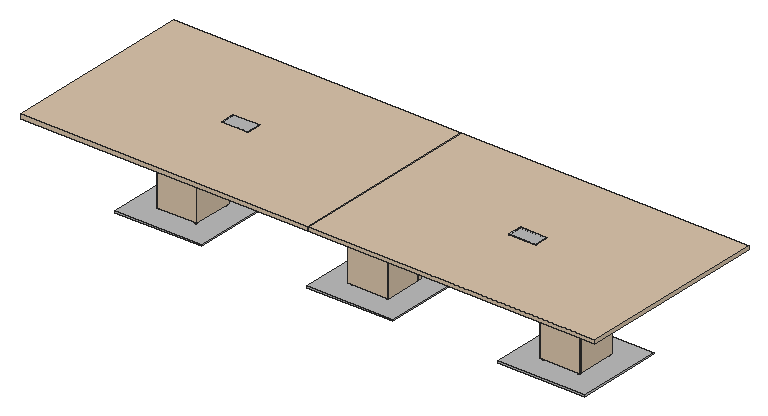
Revit family "Haworth_Planes_ColumnBaseConferenceTable_RectangularTwoPiece", category Furniture Systems, Revit 2018
Family settings
  Round Connector Dimension = Use Diameter
  Part Type = Normal
  OmniClass Number = 23.40.70.14.64.21
  OmniClass Title = Systems Furniture
  Work Plane-Based = No
  Always vertical = Yes
  Cut with Voids When Loaded = No
  Shared = No
  Room Calculation Point = No
Parameters (values of type "180w 60d")
  Worksurface Finish [instance] = Haworth _ Laminate _ Maple H-AE
  Worksurface Edge Finish [instance] = Haworth _ Laminate _ Maple H-AE
  Width = 180"
  Warranty = "http://www.haworth.com/resources/product-info/warranties"
  URL - Product = "http://www.haworth.com/products/tables/conference/planes"
  Trim Finish = Haworth _ Laminate _ Maple H-AE
  Sustainability Info = "http://media.haworth.com/asset/5175/Planes%20tables%20PEDS.pdf"
  Support Side Offset = 30"  # constant formula
  Opening Single Wide = no
  Opening Single = not(or(Opening Single Wide, Opening Double, Opening Double Wide))  # yes
  Opening Left/Right = not(Opening Center)  # no
  Opening Double Wide = no
  Opening Double = no
  Opening Center = yes
  Model = "TARA"  # constant formula
  Min. Depth = 42"  # constant formula
  Middle Support Control = Actual Width > 168"  # yes
  Max. Depth = 60"  # constant formula
  URL = "www.haworth.com"
  Support Height = Actual Height - Table Thickness  # 27 13/16"
  Size = "Verify Final Dim. w/ Haworth"  # constant formula
  Revision Number = "2"  # constant formula
  Min/Max Width = "126-180 @ 6 in. increments"  # constant formula
  Standard Height = "21, 29, 41 in."  # constant formula
  Min. Width = 126"  # constant formula
  Max. Width = 180"  # constant formula
  Min. Height = 21"  # constant formula
  Max. Height = 41"  # constant formula
  Manufacturer = "Haworth"  # constant formula
  Knife Edge = not(Edgeband)  # no
  Height = 29"
  Fliptop Width = Cutout Width + 1/4"  # 8 1/4"
  Fliptop Side Vis. = and(Flip Top, [Opening Left/Right])  # no
  Fliptop Depth = Cutout Depth + 3/8"  # 4 3/8"
  Fliptop Center Vis. = and(Flip Top, Opening Center)  # yes
  Flip Top Finish = Haworth _ Paint _ Metallic Champagne
  Flip Top = yes
  Edgeband = yes
  Description = "Haworth - Planes - Column Base Conference Table - Rectangular - Two-Piece"  # constant formula
  Depth = 60"
  Cutout Width = if(or(Opening Single Wide, Opening Double Wide), 11", 8")  # 8"
  Cutout Side Offset = Actual Width / 8  # 22 1/2"
  Cutout Depth = if(or(Opening Double, Opening Double Wide), 7 11/16", 4")  # 4"
  Cutout Center Offset = Actual Width / 4  # 45"
  Cutout = yes
  Custom Size = not(and(or(Depth = 42", Depth = 48", Depth = 54", Depth = 60"), or(Width = 126", Width = 132", Width = 138", Width = 144", Width = 150", Width = 156", Width = 162", Width = 168", Width = 174", Width = 180")))  # no
  Base Finish = Haworth _ Paint _ Metallic Champagne
  Author = "Haworth (Hampton, Alias)"  # constant formula
  Assembly Code = "E2020200"
  Actual Width = if(Width > Max. Width, Max. Width, if(Width < Min. Width, Min. Width, Width))  # 180"
  Actual Height = if(Height > Max. Height, Max. Height, if(Height < Min. Height, Min. Height, Height))  # 29"
  Table Thickness = 1 3/16"  # constant formula
  Standard Depths = "42, 48, 54, 60 in."  # constant formula
  Actual Depth = if(Depth > Max. Depth, Max. Depth, if(Depth < Min. Depth, Min. Depth, Depth))  # 60"
Reference planes (in)
  plane 1 "Center F/B": y = -0.15866
  plane 2 "Floor": z = 0
  plane 3 "Center L/R": x = 0
  plane 4 "Table Edge Left": x = -90
  plane 5 "Table Edge Right": x = 90
  plane 6 "Table Edge Back": y = -30.15866
  plane 7 "Table Edge Front": y = 29.84134
  plane 8 "Table Bottom": z = 29
  plane 9 "Fliptop Left 2": x = -22.5
  plane 10 "Fliptop Center 1": x = -45
  plane 11 "Fliptop Left 1": x = -67.5
  plane 12 "Fliptop Right 2": x = 22.5
  plane 13 "Fliptop Center 2": x = 45
  plane 14 "Fliptop Right 1": x = 67.5
  plane 15 "Base Right": x = 60
  plane 16 "Base Left": x = -60
Dimensions and locks (in)
  "Actual Depth": plane 7 "Table Edge Front" to plane 6 "Table Edge Back"
  "Actual Width": plane 4 "Table Edge Left" to plane 5 "Table Edge Right"
  equal spacing: plane 4 "Table Edge Left", plane 3 "Center L/R", plane 5 "Table Edge Right"
  equal spacing: plane 7 "Table Edge Front", plane 1 "Center F/B", plane 6 "Table Edge Back"
  "Actual Height": plane 8 "Table Bottom" to level
  "Cutout Side Offset": plane 9 "Fliptop Left 2" to plane 3 "Center L/R"
  "Cutout Side Offset": plane 3 "Center L/R" to plane 12 "Fliptop Right 2"
  "Cutout Side Offset": plane 14 "Fliptop Right 1" to plane 5 "Table Edge Right"
  "Cutout Side Offset": plane 4 "Table Edge Left" to plane 11 "Fliptop Left 1"
  "Cutout Center Offset": plane 10 "Fliptop Center 1" to plane 3 "Center L/R"
  "Cutout Center Offset": plane 3 "Center L/R" to plane 13 "Fliptop Center 2"
  "Support Side Offset": plane 15 "Base Right" to plane 5 "Table Edge Right"
  "Support Side Offset": plane 4 "Table Edge Left" to plane 16 "Base Left"
  aligned and locked: plane 11 "Fliptop Left 1" to nested 4
  aligned and locked: plane 1 "Center F/B" to nested 4
  aligned and locked: plane 1 "Center F/B" to nested 3
  aligned and locked: plane 1 "Center F/B" to nested 2
  aligned and locked: plane 1 "Center F/B" to nested 5
  aligned and locked: plane 1 "Center F/B" to nested 1
  aligned and locked: plane 1 "Center F/B" to nested 6
  aligned and locked: plane 10 "Fliptop Center 1" to nested 6
  aligned and locked: plane 13 "Fliptop Center 2" to nested 5
  aligned and locked: plane 14 "Fliptop Right 1" to nested 1
  aligned and locked: plane 12 "Fliptop Right 2" to nested 2
  aligned and locked: plane 9 "Fliptop Left 2" to nested 3
  aligned and locked: plane 2 "Floor" to nested 7
  aligned and locked: plane 1 "Center F/B" to nested 7
  aligned and locked: plane 3 "Center L/R" to nested 7
  aligned and locked: plane 2 "Floor" to nested 8
  aligned and locked: plane 2 "Floor" to nested 9
  aligned and locked: plane 1 "Center F/B" to nested 8
  aligned and locked: plane 1 "Center F/B" to nested 9
  aligned and locked: nested 9 to plane 16 "Base Left"
  aligned and locked: plane 15 "Base Right" to nested 8
  aligned and locked: plane 2 "Floor" to nested 10
  aligned and locked: plane 3 "Center L/R" to nested 10
  aligned and locked: plane 1 "Center F/B" to nested 10
Nested families (in)
  nested 1: "Haworth_Worksurface_FlipTop_Unit_Part" at (66.92963, -0.21114, 29), built-in parameter 1001364 <- "Actual Height", visible <- "Fliptop Side Vis.", type "Flip Top"
  nested 2: "Haworth_Worksurface_FlipTop_Unit_Part" at (21.92963, -0.21114, 29), built-in parameter 1001364 <- "Actual Height", visible <- "Fliptop Side Vis.", type "Flip Top"
  nested 3: "Haworth_Worksurface_FlipTop_Unit_Part" at (-23.07037, -0.21114, 29), built-in parameter 1001364 <- "Actual Height", visible <- "Fliptop Side Vis.", type "Flip Top"
  nested 4: "Haworth_Worksurface_FlipTop_Unit_Part" at (-68.07037, -0.21114, 29), built-in parameter 1001364 <- "Actual Height", visible <- "Fliptop Side Vis.", type "Flip Top"
  nested 5: "Haworth_Worksurface_FlipTop_Unit_Part" at (44.42963, -0.21114, 29), built-in parameter 1001364 <- "Actual Height", visible <- "Fliptop Center Vis.", type "Flip Top"
  nested 6: "Haworth_Worksurface_FlipTop_Unit_Part" at (-45.57037, -0.21114, 29), built-in parameter 1001364 <- "Actual Height", visible <- "Fliptop Center Vis.", type "Flip Top"
  nested 7: "Haworth_Planes_ColumnBase_Part" at (0, -3.78366, 0), visible <- "Middle Support Control", type "Square"
    with Actual Height 27 13/16"
  nested 8: "Haworth_Planes_ColumnBase_Part" at (60, -3.78366, 0), type "Square"
    with Actual Height 27 13/16"
  nested 9: "Haworth_Planes_ColumnBase_Part" at (-60, -3.78366, 0), type "Square"
    with Actual Height 27 13/16"
  nested 10: "Haworth_Planes_Conference_Worksurface_RectangularTwoPiece_Part" at (0, -15.15866, 0), type "Worksurface"
    with Opening Side Vis. no, Opening Left/Right no, Knife Edge no, Cutout Side Dimension 1"
Definition of nested family "Haworth_Worksurface_FlipTop_Unit_Part"
  Parameters (values of type "Flip Top")
    Warranty = "https://www.haworth.com/resources/product-info/warranties"
    URL - Product = "https://www.haworth.com/products/tables/conference/planes"
    URL = "www.haworth.com"
    Sustainability Info = "https://www.haworth.com/company-info/sustainability"
    Size = "Verify Final Dim. w/ Haworth"  # constant formula
    Revision Number = "2"  # constant formula
    Model = "Haworth_Worksurface-Flip_Top_Unit"  # constant formula
    Manufacturer = "Haworth"  # constant formula
    LEED Data = "www.haworth.com/_layouts/Haworth.ProductCatalog/Handlers/GetAsset.ashx/ComposeLEEDContributions.pdf?cid=27&rid=1824&type=Leed"
    Flip Top Finish = none
    Description = "Haworth Worksurface-Flip Top Unit - Part"
    Default Elevation = 48"
    Author = "Haworth (Alias), SHAPE Environments, LLC"  # constant formula
    Assembly Code = "E2020200"
    Actual Width = 8 1/4"
    Actual Depth = 4 3/8"
  Reference planes (in)
    plane 1 "Center F/B": y = 0.05249
    plane 2: z = 0
    plane 3 "Center L/R": x = 0.57037
    plane 4 "Back": y = 2.23999
    plane 5 "Right": x = 4.69537
    plane 6 "Front": y = -2.13501
    plane 7 "Left": x = -3.55463
    plane 8 "Table Height": z = 0
  Forms (in)
    Extrusion 1, solid, material <- "Flip Top Finish"
      sketch origin (0, 0, 0) x (-1, 0, 0) y (0, -1, 0)
        loop
          line (3.55463, -2.23999) -> (3.55463, 2.13501) -> (-4.69537, 2.13501) -> (-4.69537, -2.23999) -> (3.55463, -2.23999)
      from 0 to 0.125
    Extrusion 2, solid, material <- "Flip Top Finish"
      sketch origin (0, 0, 0) x (-1, 0, 0) y (0, -1, 0)
        loop
          line (3.42963, -2.05249) -> (3.42963, 1.94751) -> (-4.57037, 1.94751) -> (-4.57037, -2.05249) -> (3.42963, -2.05249)
      from 0 to -2.75
  Cuts and joins
    joined: Extrusion 1, Extrusion 2
  Lines and regions (in)
    Masking region 1
      outline origin (0, 0, 0) x (1, 0, 0) y (0, 1, 0)
        loop
          line (-3.55463, 2.23999) -> (-3.55463, -2.13501) -> (4.69537, -2.13501) -> (4.69537, 2.23999) -> (-3.55463, 2.23999)
  Dimensions and locks (in)
    equal spacing: plane 7 "Left", plane 3 "Center L/R", plane 5 "Right"
    "Actual Width": plane 7 "Left" to plane 5 "Right"
    equal spacing: plane 6 "Front", plane 1 "Center F/B", plane 4 "Back"
    "Actual Depth": plane 4 "Back" to plane 6 "Front"
    plane 7 "Left" to Extrusion 2 sketch curve = 1/8"
    plane 4 "Back" to Extrusion 2 sketch curve = 3/16"
    Extrusion 2 sketch curve to plane 5 "Right" = 1/8"
    Extrusion 2 sketch curve to plane 6 "Front" = 3/16"
    locked: plane 8 "Table Height" to level
    aligned and locked: plane 7 "Left" to Extrusion 1 sketch curve
    aligned and locked: Extrusion 1 sketch curve to plane 4 "Back"
    aligned and locked: plane 6 "Front" to Extrusion 1 sketch curve
    aligned and locked: Extrusion 1 sketch curve to plane 5 "Right"
    aligned and locked: Masking region 1 sketch curve to cut or joined group of Extrusion 1, Extrusion 2  (x3)
    aligned and locked: cut or joined group of Extrusion 1, Extrusion 2 to Masking region 1 sketch curve
Definition of nested family "Haworth_Planes_ColumnBase_Part"
  Parameters (values of type "Square")
    Warranty = "http://www.haworth.com/resources/product-info/warranties"
    URL - Product = "http://www.haworth.com/products/tables/conference/planes"
    URL = "www.haworth.com"
    Trim Finish = none
    Top Gap = 1 1/2"  # constant formula
    Sustainability Info = "http://www.haworth.com/company-info/sustainablility"
    Support Finish = none
    Size = "Verify Final Dim. w/ Haworth"  # constant formula
    Revision Number = "2"  # constant formula
    Model = "Haworth - Planes - Enhanced Column Base - LIMITED"  # constant formula
    Min. Height = 27"  # constant formula
    Max. Height = 36"  # constant formula
    Manufacturer = "Haworth"  # constant formula
    Description = "Haworth - Planes - Enhanced Column Base - LIMITED"  # constant formula
    Column Frame Width 9 = no
    Column Frame Width 12 = yes
    Cladding Thickness = 1/8"  # constant formula
    Cladding Square = yes
    Cladding Round = no
    Cladding Radius = 8 1/2"  # constant formula
    Base Plate Square = yes
    Base Plate Round = no
    Base Plate Radius = 15"  # constant formula
    Base Height Offset = 3/8"  # constant formula
    Base Finish = none
    Base Depth Offset = 7 1/8"  # constant formula
    Author = "Haworth (Hampton)"  # constant formula
    Assembly Code = "E2020200"
    Actual Width = 12 3/4"  # constant formula
    Actual Height = 27 3/16"
    Actual Depth = 12 3/4"  # constant formula
  Types (2): name | Cladding Square | Cladding Round | Base Plate Square | Base Plate Round
    Square | yes | no | yes | no
    Round | no | yes | no | yes
  Reference planes (in)
    plane 1 "Center F/B": y = 3.625
    plane 2 "Bottom": z = 0
    plane 3 "Center L/R": x = 0
    plane 4 "Left": x = -6.375
    plane 5 "Right": x = 6.375
    plane 6 "Front": y = -2.75
    plane 7 "Top": z = 27.1875
    plane 8 "Back": y = 10
    plane 9: y = 9.25
    plane 10: x = 5.625
    plane 11: x = -5.625
    plane 12: y = -2
    plane 13 "Panel Top": z = 25.6875
    plane 14 "Base Plate Top": z = 0.375
    plane 15 "Panel Bottom": z = 0.75
    plane 16: x = -6.25
    plane 17: x = 6.25
    plane 18: y = 9.875
    plane 19: y = -2.625
    plane 20 "Plate Back": y = 17.125
    plane 21 "Plate Front": y = -9.875
    plane 22 "Plate Left": x = -13.5
    plane 23 "Plate Right": x = 13.5
    plane 24 "Angel 2": through (6.375, 10, 48) normal (0.7071, -0.7071, 0)
    plane 25 "Angel 1": through (-6.375, 10, 48) normal (0.7071, 0.7071, 0)
    plane 26: through (6.375, -2.75, 48) normal (-0.7071, -0.7071, 0)
    plane 27: through (6.375, 10, 48) normal (0.7071, -0.7071, 0)
    plane 28: through (-6.375, -2.75, 48) normal (-0.7071, 0.7071, 0)
    plane 29: through (6.375, -2.75, 48) normal (-0.7071, -0.7071, 0)
    plane 30: through (-6.375, 10, 48) normal (0.7071, 0.7071, 0)
    plane 31: through (-6.375, -2.75, 48) normal (-0.7071, 0.7071, 0)
  Forms (in)
    Extrusion 1, solid, material <- "Trim Finish", visible <- "Cladding Square"
      sketch origin (0, 0, 0) x (1, 0, 0) y (0, 1, 0)
        loop
          line (-6.375, 9.875) -> (-6.375, -2.625) -> (-6.25, -2.625) -> (-6.25, 9.875) -> (-6.375, 9.875)
      from 0.75 to 25.6875
    Extrusion 2, solid, material <- "Trim Finish", visible <- "Cladding Square"
      sketch origin (0, 0, 0) x (1, 0, 0) y (0, 1, 0)
        loop
          line (-6.25, 10) -> (-6.25, 9.875) -> (6.25, 9.875) -> (6.25, 10) -> (-6.25, 10)
      from 0.75 to 25.6875
    Extrusion 3, solid, material <- "Trim Finish", visible <- "Cladding Square"
      sketch origin (0, 0, 0) x (1, 0, 0) y (0, 1, 0)
        loop
          line (6.25, 9.875) -> (6.25, -2.625) -> (6.375, -2.625) -> (6.375, 9.875) -> (6.25, 9.875)
      from 0.75 to 25.6875
    Extrusion 4, solid, material <- "Trim Finish", visible <- "Cladding Square"
      sketch origin (0, 0, 0) x (1, 0, 0) y (0, 1, 0)
        loop
          line (-6.25, -2.625) -> (-6.25, -2.75) -> (6.25, -2.75) -> (6.25, -2.625) -> (-6.25, -2.625)
      from 0.75 to 25.6875
    Extrusion 5, solid, material <- "Support Finish"
      sketch origin (0, 0, 0) x (1, 0, 0) y (0, 1, 0)
        loop
          circle (-5.625, 9.25) r 0.375
        loop
          circle (5.625, 9.25) r 0.375
        loop
          circle (5.625, -2) r 0.375
        loop
          circle (-5.625, -2) r 0.375
      from 0.375 to 27.1875
    Extrusion 6, solid, material <- "Base Finish", visible <- "Base Plate Square"
      sketch origin (0, 0, 0) x (1, 0, 0) y (0, 1, 0)
        loop
          line (-13.5, 17.125) -> (-13.5, -9.875) -> (13.5, -9.875) -> (13.5, 17.125) -> (-13.5, 17.125)
      from 0 to 0.375
    Extrusion 7, solid, material <- "Base Finish", visible <- "Base Plate Round"
      sketch origin (0, 0, 0) x (1, 0, 0) y (0, 1, 0)
        loop
          circle (0, 3.625) r 15
      from 0 to 0.375
    Extrusion 8, solid, material <- "Trim Finish", visible <- "Cladding Round"
      sketch origin (0, 0, 0) x (1, 0, 0) y (0, 1, 0)
        loop
          arc (-6.01041, 9.63541) -> (0, 12.125) -> (6.01041, 9.63541) r 8.5
          line (6.01041, 9.63541) -> (6.01041, 9.81092)
          arc (6.01041, 9.81092) -> (0, 12.25) -> (-6.01041, 9.81092) r 8.625
          line (-6.01041, 9.81092) -> (-6.01041, 9.63541)
      from 0.75 to 25.6875
    Extrusion 9, solid, material <- "Trim Finish", visible <- "Cladding Round"
      sketch origin (-3.625, 3.625, 0) x (0, -1, 0) y (1, 0, 0)
        loop
          arc (-6.01041, 9.63541) -> (0, 12.125) -> (6.01041, 9.63541) r 8.5
          line (6.01041, 9.63541) -> (6.01041, 9.81092)
          arc (6.01041, 9.81092) -> (0, 12.25) -> (-6.01041, 9.81092) r 8.625
          line (-6.01041, 9.81092) -> (-6.01041, 9.63541)
      from 0.75 to 25.6875
    Extrusion 10, solid, material <- "Trim Finish", visible <- "Cladding Round"
      sketch origin (0, 7.25, 0) x (-1, 0, 0) y (0, -1, 0)
        loop
          arc (-6.01041, 9.63541) -> (0, 12.125) -> (6.01041, 9.63541) r 8.5
          line (6.01041, 9.63541) -> (6.01041, 9.81092)
          arc (6.01041, 9.81092) -> (0, 12.25) -> (-6.01041, 9.81092) r 8.625
          line (-6.01041, 9.81092) -> (-6.01041, 9.63541)
      from 0.75 to 25.6875
    Extrusion 11, solid, material <- "Trim Finish", visible <- "Cladding Round"
      sketch origin (3.625, 3.625, 0) x (0, 1, 0) y (-1, 0, 0)
        loop
          arc (-6.01041, 9.63541) -> (0, 12.125) -> (6.01041, 9.63541) r 8.5
          line (6.01041, 9.63541) -> (6.01041, 9.81092)
          arc (6.01041, 9.81092) -> (0, 12.25) -> (-6.01041, 9.81092) r 8.625
          line (-6.01041, 9.81092) -> (-6.01041, 9.63541)
      from 0.75 to 25.6875
  Lines and regions (in)
    symbolic lines, visible <- "Base Plate Square", detail levels medium+fine
      curve 1: line (-13.5, 17.125, 0) -> (13.5, 17.125, 0)
      curve 2: line (13.5, 17.125, 0) -> (13.5, -9.875, 0)
      curve 3: line (13.5, -9.875, 0) -> (-13.5, -9.875, 0)
      curve 4: line (-13.5, -9.875, 0) -> (-13.5, 17.125, 0)
    symbolic lines, visible <- "Cladding Square", detail levels medium+fine
      curve 5: line (-6.375, 10, 0) -> (6.375, 10, 0)
      curve 6: line (6.375, 10, 0) -> (6.375, -2.75, 0)
      curve 7: line (6.375, -2.75, 0) -> (-6.375, -2.75, 0)
      curve 8: line (-6.375, -2.75, 0) -> (-6.375, 10, 0)
    model lines, visible <- "Base Plate Round"
      curve 9: circle (0, 3.625, 0) r 15 normal (0, 0, 1)
    symbolic lines, visible <- "Base Plate Round", detail levels medium+fine
      curve 10: circle (0, 3.625, 0) r 8.5 normal (0, 0, 1)
  Dimensions and locks (in)
    equal spacing: plane 8 "Back", plane 1 "Center F/B", plane 6 "Front"
    "Actual Depth": plane 8 "Back" to plane 6 "Front"
    equal spacing: plane 4 "Left", plane 3 "Center L/R", plane 5 "Right"
    "Actual Width": plane 4 "Left" to plane 5 "Right"
    "Actual Height": plane 7 "Top" to level
    locked: plane 4 "Left" to plane 11 at 0.75
    locked: plane 10 to plane 5 "Right" at 0.75
    locked: plane 8 "Back" to plane 9 at 0.75
    locked: plane 12 to plane 6 "Front" at 0.75
    "Base Height Offset": plane 14 "Base Plate Top" to level
    "Base Height Offset": plane 15 "Panel Bottom" to plane 14 "Base Plate Top"
    "Top Gap": plane 7 "Top" to plane 13 "Panel Top"
    "Base Depth Offset": plane 22 "Plate Left" to plane 4 "Left"
    "Base Depth Offset": plane 5 "Right" to plane 23 "Plate Right"
    "Base Depth Offset": plane 21 "Plate Front" to plane 6 "Front"
    "Base Depth Offset": plane 20 "Plate Back" to plane 8 "Back"
    "Cladding Thickness": plane 8 "Back" to plane 18
    "Cladding Thickness": plane 19 to plane 6 "Front"
    "Cladding Thickness": plane 4 "Left" to plane 16
    "Cladding Thickness": plane 17 to plane 5 "Right"
    "Base Plate Radius": radius of Extrusion 7 sketch curve
    "Base Plate Radius": radius of curve 9
    "Cladding Radius": radius of Extrusion 8 sketch curve
    "Cladding Radius": radius of curve 10
    "Cladding Radius": radius of Extrusion 9 sketch curve
    "Cladding Radius": radius of Extrusion 10 sketch curve
    "Cladding Radius": radius of Extrusion 11 sketch curve
    aligned and locked: Extrusion 1 sketch curve to plane 19
    aligned and locked: plane 4 "Left" to Extrusion 1 sketch curve
    aligned and locked: Extrusion 1 sketch curve to plane 16
    aligned and locked: Extrusion 1 sketch curve to plane 18
    aligned and locked: Extrusion 2 sketch curve to plane 8 "Back"
    aligned and locked: plane 18 to Extrusion 2 sketch curve
    aligned and locked: plane 16 to Extrusion 2 sketch curve
    aligned and locked: plane 17 to Extrusion 2 sketch curve
    aligned and locked: Extrusion 3 sketch curve to plane 19
    aligned and locked: Extrusion 3 sketch curve to plane 18
    aligned and locked: Extrusion 3 sketch curve to plane 17
    aligned and locked: plane 5 "Right" to Extrusion 3 sketch curve
    aligned and locked: plane 16 to Extrusion 4 sketch curve
    aligned and locked: plane 17 to Extrusion 4 sketch curve
    aligned and locked: plane 19 to Extrusion 4 sketch curve
    aligned and locked: plane 6 "Front" to Extrusion 4 sketch curve
    aligned and locked: plane 13 "Panel Top" to Extrusion 4
    aligned and locked: Extrusion 4 to plane 15 "Panel Bottom"
    aligned and locked: plane 13 "Panel Top" to Extrusion 2
    aligned and locked: Extrusion 2 to plane 15 "Panel Bottom"
    aligned and locked: Extrusion 1 to plane 15 "Panel Bottom"
    aligned and locked: plane 13 "Panel Top" to Extrusion 1
    aligned and locked: Extrusion 3 to plane 15 "Panel Bottom"
    aligned and locked: plane 13 "Panel Top" to Extrusion 3
    aligned and locked: Extrusion 5 to plane 14 "Base Plate Top"
    aligned and locked: plane 7 "Top" to Extrusion 5
    aligned and locked: plane 22 "Plate Left" to Extrusion 6 sketch curve
    aligned and locked: Extrusion 6 sketch curve to plane 21 "Plate Front"
    aligned and locked: plane 23 "Plate Right" to Extrusion 6 sketch curve
    aligned and locked: Extrusion 6 sketch curve to plane 20 "Plate Back"
    aligned and locked: Extrusion 6 to plane 2 "Bottom"
    aligned and locked: Extrusion 6 to plane 14 "Base Plate Top"
    aligned and locked: curve 1 to plane 20 "Plate Back"
    aligned and locked: plane 22 "Plate Left" to curve 4
    aligned and locked: curve 3 to plane 21 "Plate Front"
    aligned and locked: plane 23 "Plate Right" to curve 2
    aligned and locked: plane 5 "Right" to curve 6
    aligned and locked: curve 5 to plane 8 "Back"
    aligned and locked: plane 4 "Left" to curve 8
    aligned and locked: plane 6 "Front" to curve 7
    aligned and locked: Extrusion 7 to plane 2 "Bottom"
    aligned and locked: Extrusion 7 to plane 14 "Base Plate Top"
    aligned and locked: plane 13 "Panel Top" to Extrusion 8
    aligned and locked: Extrusion 8 to plane 15 "Panel Bottom"
    aligned and locked: Extrusion 11 to plane 15 "Panel Bottom"
    aligned and locked: Extrusion 10 to plane 15 "Panel Bottom"
    aligned and locked: Extrusion 9 to plane 15 "Panel Bottom"
    aligned and locked: plane 13 "Panel Top" to Extrusion 11
    aligned and locked: plane 13 "Panel Top" to Extrusion 10
    aligned and locked: plane 13 "Panel Top" to Extrusion 9
    aligned and locked: Extrusion 11 to Extrusion 1  (x2)
    aligned and locked: Extrusion 2 to Extrusion 10  (x2)
    aligned and locked: Extrusion 9 to Extrusion 2
    aligned and locked: Extrusion 2 to Extrusion 9
    aligned and locked: Extrusion 2 to Extrusion 8  (x2)
    aligned and locked: Extrusion 4 to Extrusion 1
    aligned and locked: Extrusion 1 to Extrusion 4
  Automatic sketch dimensions
    Extrusion 5 sketch curve to plane 11 = 0"  (x2)
    Extrusion 5 sketch curve to plane 9 = 0"  (x2)
    Extrusion 5 sketch curve to plane 10 = 0"  (x2)
    Extrusion 5 sketch curve to plane 12 = 0"  (x2)
    curve 9 to curve 10 = 0"  (x2)
    plane 1 "Center F/B" to curve 9 = 0"
    curve 9 to plane 3 "Center L/R" = 0"
    plane 1 "Center F/B" to Extrusion 7 sketch curve = 0"
    Extrusion 7 sketch curve to plane 3 "Center L/R" = 0"
    Extrusion 8 sketch curve to Extrusion 8 sketch curve = 0"  (x2)
    plane 25 "Angel 1" to Extrusion 8 sketch curve = 0"
    plane 1 "Center F/B" to Extrusion 8 sketch curve = 0"
    Extrusion 8 sketch curve to plane 3 "Center L/R" = 0"
    plane 24 "Angel 2" to Extrusion 8 sketch curve = 0"
    Extrusion 8 sketch curve to plane 18 = 0.06408"
    Extrusion 9 sketch curve to Extrusion 9 sketch curve = 0"  (x2)
    Extrusion 9 sketch curve to plane 27 = 0"
    plane 1 "Center F/B" to Extrusion 9 sketch curve = 0"
    plane 26 to Extrusion 9 sketch curve = 0"
    Extrusion 9 sketch curve to plane 3 "Center L/R" = 0"
    plane 17 to Extrusion 9 sketch curve = 0.06408"
    Extrusion 10 sketch curve to Extrusion 10 sketch curve = 0"  (x2)
    Extrusion 10 sketch curve to plane 29 = 0"
    plane 1 "Center F/B" to Extrusion 10 sketch curve = 0"
    Extrusion 10 sketch curve to plane 3 "Center L/R" = 0"
    Extrusion 10 sketch curve to plane 28 = 0"
    Extrusion 10 sketch curve to plane 19 = 0.06408"
    Extrusion 11 sketch curve to Extrusion 11 sketch curve = 0"  (x2)
    plane 31 to Extrusion 11 sketch curve = 0"
    plane 1 "Center F/B" to Extrusion 11 sketch curve = 0"
    Extrusion 11 sketch curve to plane 30 = 0"
    Extrusion 11 sketch curve to plane 3 "Center L/R" = 0"
    plane 16 to Extrusion 11 sketch curve = 0.06408"
    radius of Extrusion 5 sketch curve = 3/8"  (x4)
Definition of nested family "Haworth_Planes_Conference_Worksurface_RectangularTwoPiece_Part"
  Parameters (values of type "Worksurface")
    Warranty = "https://www.haworth.com/resources/product-info/warranties"
    URL - Product = "https://www.haworth.com/products/tables/conference/planes"
    URL = "www.haworth.com"
    Table Thickness = 1 3/16"  # constant formula
    Table Finish = none
    Table Edge Finish = none
    Side Cutout Offset = Actual Width / 8  # 22 1/2"
    Revision Number = ""
    Opening Side Vis. = and(Cutout, [Opening Left/Right])  # yes
    Opening Left/Right = yes
    Opening Center Vis. = and(Cutout, Opening Center)  # yes
    Opening Center = yes
    Note = "Verify Final Dim. w/ Haworth"  # constant formula
    Model = "TARA"  # constant formula
    Manufacturer = "Haworth"  # constant formula
    Knife Edge = yes
    Edgeband = yes
    Description = "Haworth - Planes Conference Worksurface - Part"
    Cutout Width = 8"
    Cutout Side Dimension = if(and(Cutout, [Opening Left/Right]), 3", 1")  # 3"
    Cutout Center Dimension = if(and(Cutout, Opening Center), 3", 1")  # 3"
    Cutout Depth = 4"
    Cutout = yes
    Center Cutout Offset = Actual Width / 4  # 45"
    Author = "Haworth (Alias)"  # constant formula
    Assembly Code = ""
    Actual Width = 180"
    Actual Height = 29"
    Actual Depth = 60"
  Reference planes (in)
    plane 1 "Center F/B": y = 15
    plane 2 "Bottom": z = 0
    plane 3 "Center L/R": x = 0
    plane 4 "Table Front": y = 45
    plane 5 "Table Right": x = 90
    plane 6 "Table Left": x = -90
    plane 7 "Table Back": y = -15
    plane 8 "Table Top": z = 29
    plane 9 "Table Bottom": z = 27.8125
    plane 10 "Cutout Top": z = 30
    plane 11 "Cutout Center Bottom": z = 27
    plane 12 "KnifeEdge Middle": z = 28.625
    plane 13 "Cutout Center": x = -45
    plane 14 "Cutout Left 1": x = -67.5
    plane 15 "Cutout Left 2": x = -22.5
    plane 16 "Cutout Right 2": x = 22.5
    plane 17 "Cutout Center 2": x = 45
    plane 18 "Cutout Right 1": x = 67.5
    plane 19 "Cutout Side Bottom": z = 27
  Forms (in)
    Extrusion 1, solid, material <- "Table Finish", visible <- "Edgeband"
      sketch origin (0, 0, 0) x (1, 0, 0) y (0, 1, 0)
        loop
          line (0, 45) -> (0, -15) -> (90, -15) -> (90, 45) -> (0, 45)
      from 27.8125 to 29
    Extrusion 2, void
      sketch origin (0, 0, 29) x (-1, 0, 0) y (0, -1, 0)
        loop
          line (49, -17) -> (49, -13) -> (41, -13) -> (41, -17) -> (49, -17)
        loop
          line (-41, -17) -> (-41, -13) -> (-49, -13) -> (-49, -17) -> (-41, -17)
      from -2 to 1
    Extrusion 3, solid, material <- "Table Finish", visible <- "Knife Edge"
      sketch origin (0, 0, 0) x (1, 0, 0) y (0, 1, 0)
        loop
          line (0, 45) -> (0, -15) -> (90, -15) -> (90, 45) -> (0, 45)
      from 28.625 to 29
    Blend 4, solid, material <- "Table Finish", visible <- "Knife Edge"
      base sketch origin (0, 0, 0) x (1, 0, 0) y (0, 1, 0)
        loop
          line (0, 43) -> (0, -13) -> (88, -13) -> (88, 43) -> (0, 43)
      top sketch origin (0, 0, 0) x (1, 0, 0) y (0, 1, 0)
        loop
          line (0, 45) -> (0, -15) -> (90, -15) -> (90, 45) -> (0, 45)
      from 27.8125 to 28.625
    Extrusion 5, solid, material <- "Table Finish", visible <- "Edgeband"
      sketch origin (0, 0, 0) x (1, 0, 0) y (0, 1, 0)
        loop
          line (-90, 45) -> (-90, -15) -> (0, -15) -> (0, 45) -> (-90, 45)
      from 27.8125 to 29
    Extrusion 6, solid, material <- "Table Finish", visible <- "Knife Edge"
      sketch origin (0, 0, 0) x (1, 0, 0) y (0, 1, 0)
        loop
          line (-90, 45) -> (-90, -15) -> (0, -15) -> (0, 45) -> (-90, 45)
      from 28.625 to 29
    Blend 7, solid, material <- "Table Finish", visible <- "Knife Edge"
      base sketch origin (0, 0, 0) x (1, 0, 0) y (0, 1, 0)
        loop
          line (-88, 43) -> (-88, -13) -> (0, -13) -> (0, 43) -> (-88, 43)
      top sketch origin (0, 0, 0) x (1, 0, 0) y (0, 1, 0)
        loop
          line (-90, 45) -> (-90, -15) -> (0, -15) -> (0, 45) -> (-90, 45)
      from 27.8125 to 28.625
    Extrusion 8, void
      sketch origin (0, 0, 0) x (1, 0, 0) y (0, 1, 0)
        loop
          line (-71.5, 17) -> (-71.5, 13) -> (-63.5, 13) -> (-63.5, 17) -> (-71.5, 17)
        loop
          line (-26.5, 17) -> (-26.5, 13) -> (-18.5, 13) -> (-18.5, 17) -> (-26.5, 17)
        loop
          line (18.5, 17) -> (18.5, 13) -> (26.5, 13) -> (26.5, 17) -> (18.5, 17)
        loop
          line (63.5, 17) -> (63.5, 13) -> (71.5, 13) -> (71.5, 17) -> (63.5, 17)
      from 27 to 30
  Cuts and joins
    Extrusion 2, Extrusion 8 cuts Extrusion 1
    Extrusion 2, Extrusion 8 cuts Extrusion 3
    Extrusion 2, Extrusion 8 cuts Blend 4
    Extrusion 2, Extrusion 8 cuts Extrusion 6
    Extrusion 2, Extrusion 8 cuts Extrusion 5
    Extrusion 2, Extrusion 8 cuts Blend 7
  Lines and regions (in)
    Masking region 1
      outline origin (0, 0, 0) x (1, 0, 0) y (0, 1, 0)
        loop
          line (-90, 45) -> (-90, -15) -> (90, -15) -> (90, 45) -> (-90, 45)
    symbolic lines, visible <- "Opening Side Vis."
      curve 1: line (-63.5, 13, 0) -> (-71.5, 13, 0)
      curve 2: line (-71.5, 13, 0) -> (-71.5, 17, 0)
      curve 3: line (-71.5, 17, 0) -> (-63.5, 17, 0)
      curve 4: line (-63.5, 17, 0) -> (-63.5, 13, 0)
      curve 9: line (-26.5, 13, 0) -> (-26.5, 17, 0)
      curve 10: line (-26.5, 17, 0) -> (-18.5, 17, 0)
      curve 11: line (-18.5, 17, 0) -> (-18.5, 13, 0)
      curve 12: line (-18.5, 13, 0) -> (-26.5, 13, 0)
      curve 13: line (26.5, 13, 0) -> (18.5, 13, 0)
      curve 14: line (18.5, 13, 0) -> (18.5, 17, 0)
      curve 15: line (18.5, 17, 0) -> (26.5, 17, 0)
      curve 16: line (26.5, 17, 0) -> (26.5, 13, 0)
      curve 21: line (71.5, 13, 0) -> (63.5, 13, 0)
      curve 22: line (63.5, 13, 0) -> (63.5, 17, 0)
      curve 23: line (63.5, 17, 0) -> (71.5, 17, 0)
      curve 24: line (71.5, 17, 0) -> (71.5, 13, 0)
    symbolic lines, visible <- "Opening Center Vis."
      curve 5: line (-41, 13, 0) -> (-49, 13, 0)
      curve 6: line (-49, 13, 0) -> (-49, 17, 0)
      curve 7: line (-49, 17, 0) -> (-41, 17, 0)
      curve 8: line (-41, 17, 0) -> (-41, 13, 0)
      curve 17: line (49, 13, 0) -> (41, 13, 0)
      curve 18: line (41, 13, 0) -> (41, 17, 0)
      curve 19: line (41, 17, 0) -> (49, 17, 0)
      curve 20: line (49, 17, 0) -> (49, 13, 0)
    symbolic lines
      curve 25: line (0, 45, 0) -> (0, -15, 0)
    symbolic lines, visible <- "Knife Edge", detail levels medium+fine
      curve 26: line (-88, 43, 0) -> (0, 43, 0)
      curve 27: line (0, -13, 0) -> (-88, -13, 0)
      curve 28: line (-88, -13, 0) -> (-88, 43, 0)
      curve 29: line (0, 43, 0) -> (88, 43, 0)
      curve 30: line (88, 43, 0) -> (88, -13, 0)
      curve 31: line (88, -13, 0) -> (0, -13, 0)
  Dimensions and locks (in)
    "Actual Depth": plane 7 "Table Back" to plane 4 "Table Front"
    "Actual Width": plane 6 "Table Left" to plane 5 "Table Right"
    equal spacing: plane 6 "Table Left", plane 3 "Center L/R", plane 5 "Table Right"
    equal spacing: plane 4 "Table Front", plane 1 "Center F/B", plane 7 "Table Back"
    "Table Thickness": plane 8 "Table Top" to plane 9 "Table Bottom"
    "Actual Height": plane 8 "Table Top" to level
    "Cutout Center Dimension": plane 10 "Cutout Top" to plane 11 "Cutout Center Bottom"
    locked: plane 10 "Cutout Top" to plane 8 "Table Top" at 1
    locked: plane 8 "Table Top" to plane 12 "KnifeEdge Middle" at 0.375
    "Cutout Width": Extrusion 2 sketch curve to Extrusion 2 sketch curve  (x2)
    "Cutout Depth": Extrusion 2 sketch curve to Extrusion 2 sketch curve  (x2)
    equal spacing: Extrusion 2 sketch curve, plane 1 "Center F/B", Extrusion 2 sketch curve  (x2)
    equal spacing: Extrusion 2 sketch curve, plane 13 "Cutout Center", Extrusion 2 sketch curve
    equal spacing: Extrusion 2 sketch curve, plane 17 "Cutout Center 2", Extrusion 2 sketch curve
    "Center Cutout Offset": plane 13 "Cutout Center" to plane 3 "Center L/R"
    "Center Cutout Offset": plane 3 "Center L/R" to plane 17 "Cutout Center 2"
    "Side Cutout Offset": plane 15 "Cutout Left 2" to plane 3 "Center L/R"
    "Side Cutout Offset": plane 3 "Center L/R" to plane 16 "Cutout Right 2"
    "Side Cutout Offset": plane 6 "Table Left" to plane 14 "Cutout Left 1"
    "Side Cutout Offset": plane 18 "Cutout Right 1" to plane 5 "Table Right"
    "Cutout Side Dimension": plane 10 "Cutout Top" to plane 19 "Cutout Side Bottom"
    equal spacing: Extrusion 8 sketch curve, plane 1 "Center F/B", Extrusion 8 sketch curve  (x4)
    "Cutout Depth": Extrusion 8 sketch curve to Extrusion 8 sketch curve  (x4)
    equal spacing: Extrusion 8 sketch curve, plane 14 "Cutout Left 1", Extrusion 8 sketch curve
    "Cutout Width": Extrusion 8 sketch curve to Extrusion 8 sketch curve  (x4)
    equal spacing: Extrusion 8 sketch curve, plane 15 "Cutout Left 2", Extrusion 8 sketch curve
    equal spacing: Extrusion 8 sketch curve, plane 16 "Cutout Right 2", Extrusion 8 sketch curve
    equal spacing: Extrusion 8 sketch curve, plane 18 "Cutout Right 1", Extrusion 8 sketch curve
    locked: Blend 4 sketch curve to plane 5 "Table Right" at 2
    locked: plane 7 "Table Back" to Blend 4 sketch curve at 2
    locked: Blend 4 sketch curve to plane 4 "Table Front" at 2
    locked: plane 6 "Table Left" to Blend 7 sketch curve at 2
    locked: Blend 7 sketch curve to plane 4 "Table Front" at 2
    locked: Blend 7 sketch curve to plane 7 "Table Back" at 2
    aligned and locked: plane 8 "Table Top" to Extrusion 1
    aligned and locked: Extrusion 1 to plane 9 "Table Bottom"
    aligned and locked: Extrusion 2 to plane 11 "Cutout Center Bottom"
    aligned and locked: Extrusion 2 to plane 10 "Cutout Top"
    aligned and locked: plane 8 "Table Top" to Extrusion 3
    aligned and locked: plane 12 "KnifeEdge Middle" to Extrusion 3
    aligned and locked: Blend 4 to plane 12 "KnifeEdge Middle"
    aligned and locked: Blend 4 to plane 9 "Table Bottom"
    aligned and locked: Extrusion 8 to plane 10 "Cutout Top"
    aligned and locked: Extrusion 8 to plane 19 "Cutout Side Bottom"
    aligned and locked: curve 1 to cut or joined group of Extrusion 2, Extrusion 5, Extrusion 8
    aligned and locked: curve 2 to cut or joined group of Extrusion 2, Extrusion 5, Extrusion 8
    aligned and locked: curve 3 to cut or joined group of Extrusion 2, Extrusion 5, Extrusion 8
    aligned and locked: curve 4 to cut or joined group of Extrusion 2, Extrusion 5, Extrusion 8
    aligned and locked: curve 5 to cut or joined group of Extrusion 2, Extrusion 5, Extrusion 8
    aligned and locked: curve 6 to cut or joined group of Extrusion 2, Extrusion 5, Extrusion 8
    aligned and locked: curve 7 to cut or joined group of Extrusion 2, Extrusion 5, Extrusion 8
    aligned and locked: curve 8 to cut or joined group of Extrusion 2, Extrusion 5, Extrusion 8
    aligned and locked: curve 9 to cut or joined group of Extrusion 2, Extrusion 5, Extrusion 8
    aligned and locked: curve 10 to cut or joined group of Extrusion 2, Extrusion 5, Extrusion 8
    aligned and locked: curve 11 to cut or joined group of Extrusion 2, Extrusion 5, Extrusion 8
    aligned and locked: curve 12 to cut or joined group of Extrusion 2, Extrusion 5, Extrusion 8
    aligned and locked: curve 13 to cut or joined group of Extrusion 2, Extrusion 3, Extrusion 8
    aligned and locked: curve 14 to cut or joined group of Extrusion 2, Extrusion 3, Extrusion 8
    aligned and locked: curve 15 to cut or joined group of Extrusion 2, Extrusion 3, Extrusion 8
    aligned and locked: curve 16 to cut or joined group of Extrusion 2, Extrusion 3, Extrusion 8
    aligned and locked: curve 17 to cut or joined group of Extrusion 2, Extrusion 3, Extrusion 8
    aligned and locked: curve 18 to cut or joined group of Extrusion 2, Extrusion 3, Extrusion 8
    aligned and locked: curve 19 to cut or joined group of Extrusion 2, Extrusion 3, Extrusion 8
    aligned and locked: curve 20 to cut or joined group of Extrusion 2, Extrusion 3, Extrusion 8
    aligned and locked: curve 21 to cut or joined group of Extrusion 2, Extrusion 3, Extrusion 8
    aligned and locked: curve 22 to cut or joined group of Extrusion 2, Extrusion 3, Extrusion 8
    aligned and locked: curve 23 to cut or joined group of Extrusion 2, Extrusion 3, Extrusion 8
    aligned and locked: curve 24 to cut or joined group of Extrusion 2, Extrusion 3, Extrusion 8
    aligned and locked: plane 8 "Table Top" to Extrusion 6
    aligned and locked: Extrusion 6 to plane 12 "KnifeEdge Middle"
    aligned and locked: plane 8 "Table Top" to Extrusion 5
    aligned and locked: Extrusion 5 to plane 9 "Table Bottom"
    aligned and locked: Blend 7 to plane 12 "KnifeEdge Middle"
    aligned and locked: Blend 7 to plane 9 "Table Bottom"
    aligned and locked: Masking region 1 sketch curve to plane 5 "Table Right"
    aligned and locked: Masking region 1 sketch curve to plane 4 "Table Front"
    aligned and locked: plane 6 "Table Left" to Masking region 1 sketch curve
    aligned and locked: Masking region 1 sketch curve to plane 7 "Table Back"
    aligned and locked: plane 6 "Table Left" to Extrusion 5 sketch curve
    aligned and locked: Extrusion 5 sketch curve to plane 4 "Table Front"
    aligned and locked: Extrusion 5 sketch curve to plane 7 "Table Back"
    aligned and locked: Extrusion 5 sketch curve to plane 3 "Center L/R"
    aligned and locked: plane 6 "Table Left" to Extrusion 6 sketch curve
    aligned and locked: Extrusion 6 sketch curve to plane 3 "Center L/R"
    aligned and locked: Extrusion 6 sketch curve to plane 4 "Table Front"
    aligned and locked: Extrusion 6 sketch curve to plane 7 "Table Back"
    aligned and locked: Extrusion 3 sketch curve to plane 7 "Table Back"
    aligned and locked: Extrusion 3 sketch curve to plane 4 "Table Front"
    aligned and locked: Extrusion 3 sketch curve to plane 5 "Table Right"
    aligned and locked: plane 3 "Center L/R" to Extrusion 3 sketch curve
    aligned and locked: Extrusion 1 sketch curve to plane 5 "Table Right"
    aligned and locked: Extrusion 1 sketch curve to plane 4 "Table Front"
    aligned and locked: plane 3 "Center L/R" to Extrusion 1 sketch curve
    aligned and locked: Extrusion 1 sketch curve to plane 7 "Table Back"
    aligned and locked: Blend 4 sketch curve to plane 5 "Table Right"
    aligned and locked: Blend 4 sketch curve to plane 7 "Table Back"
    aligned and locked: Blend 4 sketch curve to plane 4 "Table Front"
    aligned and locked: plane 3 "Center L/R" to Blend 4 sketch curve  (x2)
    aligned and locked: Blend 7 sketch curve to plane 3 "Center L/R"  (x2)
    aligned and locked: plane 6 "Table Left" to Blend 7 sketch curve
    aligned and locked: Blend 7 sketch curve to plane 4 "Table Front"
    aligned and locked: Blend 7 sketch curve to plane 7 "Table Back"
    aligned and locked: curve 26 to cut or joined group of Extrusion 2, Blend 7, Extrusion 8
    aligned and locked: curve 27 to cut or joined group of Extrusion 2, Blend 7, Extrusion 8
    aligned and locked: curve 28 to cut or joined group of Extrusion 2, Blend 7, Extrusion 8
    aligned and locked: curve 29 to cut or joined group of Extrusion 2, Blend 4, Extrusion 8
    aligned and locked: curve 30 to cut or joined group of Extrusion 2, Blend 4, Extrusion 8
    aligned and locked: curve 31 to cut or joined group of Extrusion 2, Blend 4, Extrusion 8
  Automatic sketch dimensions
    curve 25 to plane 3 "Center L/R" = 0"
    plane 7 "Table Back" to curve 25 = 0"
    curve 25 to plane 4 "Table Front" = 0"
    curve 26 to plane 3 "Center L/R" = 0"
    curve 27 to plane 3 "Center L/R" = 0"
